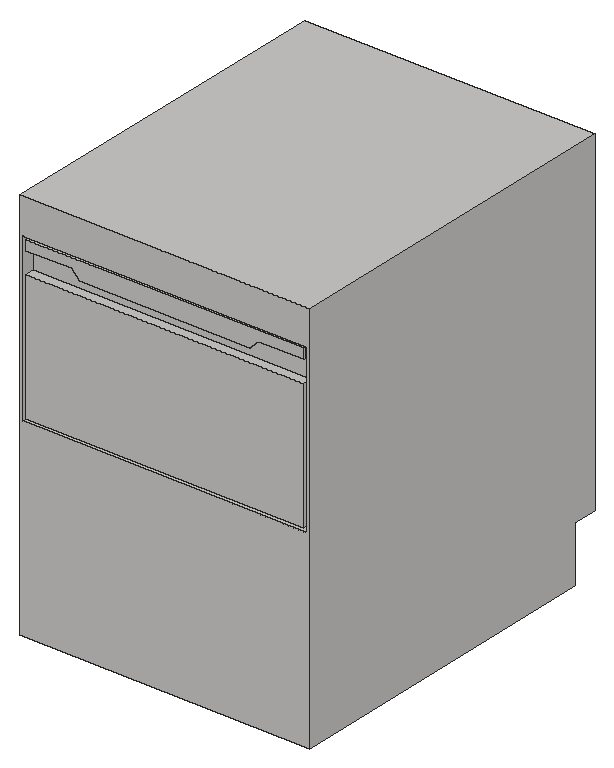
Revit family "QF_ELECTROLUXPROFESSIONAL_402210_ESSICWP", category Specialty Equipment, Revit 2018
Family settings
  Round Connector Dimension = Use Diameter
  Part Type = Normal
  Work Plane-Based = No
  Always vertical = Yes
  Cut with Voids When Loaded = No
  Shared = No
  Room Calculation Point = No
Parameters
  Weight = 34.00 kg
  Watts = 0 W
  Volts = 0 V
  URL Manufacturer = ""
  URL = "http://professional.electrolux.com/"
  Steam Supply Size = 0 mm
  Steam Supply Minimum Pressure = 0.0 Pa
  Steam Supply Maximum Pressure = 0.0 Pa
  Steam Pounds per Hour = 0
  Show Logo [instance] = yes
  Show Clearance [instance] = yes
  Refrigeration Suction Line Size = 0 mm
  Refrigeration Liquid Line Size = 0 mm
  Refrigerant Compressor Remote = yes
  Manufacturer = ""
  Phase = 0
  Model = ""
  Length Actual = 460 mm  # constant formula
  Item Number = ""
  Hot Water Size = 0 mm
  Height Actual = 635 mm  # constant formula
  HP = "4.4 HP"
  Gas Size = 0 mm
  Gas KW = 0
  Gas Input Pressure = 0 W
  Direct Waste Size = 27 mm
  Description = ""
  Depth Actual = 565 mm  # constant formula
  Cycle = 0 Hz
  Condensate Return Size = 0 mm
  Compressed Air Volume = 0.0 L/s
  Compressed Air Size = 0 mm
  Compressed Air Pressure = 0.0 Pa
  Cold Water Size = 0 mm
  Accessory = yes
Types (2, lengths in mm): name | Volts | URL Manufacturer | URL | Manufacturer | Phase | Model | Item Number | Description | Cycle | Cold Water Size
  (no name) | 0 V | "" | "http://professional.electrolux.com/" | "" | 0 | "" | "" | "" | 0 Hz | 0
  Standard | 220 V | "http://professional.electrolux.com" | "http://professional.electrolux.com" | "Electrolux Professional" | 1 | "ESSICWP" | "402210" | "GLASSWASHER(SHORT S) DOUBLE SKIN, COLD RINSE, WS, DP, 30B/H" | 50 Hz | 19.05
Reference planes
  plane 1 "Center (Front/Back)": y = 0
  plane 2: z = 0
  plane 3 "Center (Left/Right)": x = 0
  plane 4 "LEFT": x = -230
  plane 5 "RIGHT": x = 230
  plane 6 "FRONT": y = -282.5
  plane 7 "BACK": y = 282.5
  plane 8: x = -202.5
  plane 9: x = 202.5
  plane 10: z = 635
  plane 11: z = 10
Forms (mm)
  Extrusion 1, solid, material "QF_Finishes_Stainless Steel"
    sketch origin (0, 0, 0) x (1, 0, 0) y (0, 1, 0)
      loop
        line (-230, -282.5) -> (230, -282.5) -> (230, 243.5) -> (-230, 243.5) -> (-230, -282.5)
    from 10 to 635
  Extrusion 2, solid, material "QF_Finishes_Stainless Steel"
    sketch origin (0, 0, 0) x (1, 0, 0) y (0, 1, 0)
      loop
        line (-230, 243.5) -> (230, 243.5) -> (230, 282.5) -> (-230, 282.5) -> (-230, 243.5)
    from 100 to 635
  Extrusion 3, solid, material "QF_Finishes_Stainless Steel"
    sketch origin (0, 0, 0) x (1, 0, 0) y (0, 1, 0)
      loop
        circle (-202.5, 184.5) r 12.5
      loop
        circle (202.5, 184.5) r 12.5
      loop
        circle (-202.5, -235.5) r 12.5
      loop
        circle (202.5, -235.5) r 12.5
    from 0 to 10
  Extrusion 4, void
    sketch origin (-230, -282.5, 0) x (-1, 0, 0) y (0, 0, 1)
      loop
        line (-5, 578.217) -> (-455, 578.217) -> (-455, 315) -> (-5, 315) -> (-5, 578.217)
    from 0 to 30
  Extrusion 5, solid, material "QF_Finishes_Stainless Steel"
    sketch origin (-53, -392, 738) x (0, 0, -1) y (1, 0, 0)
      loop
        circle (693, 213) r 10
    from -635.5 to -674.5
  Extrusion 6, solid, material "QF_Door-Drawer Clearances", visible <- "Show Clearance", detail levels coarse
    sketch origin (-230, -282.5, 0) x (0, 1, 0) y (0, 0, -1)
      loop
        line (0, -315) -> (-230, -315)
        arc (-230, -315) -> (-165.874, -490.004) -> (0, -575) r 255.719
        line (0, -575) -> (0, -315)
    from -10 to -450
  Extrusion 7, solid, material "QF_Finishes_Stainless Steel"
    sketch origin (-242.481, -392, 738) x (0, 0, -1) y (1, 0, 0)
      loop
        circle (663, 322.481) r 8
    from -635.5 to -674.5
  Extrusion 8, solid, material "QF_Finishes_Stainless Steel"
    sketch origin (-230, -282.5, 0) x (0, 1, 0) y (0, 0, -1)
      loop
        line (0, -320) -> (0, -525) -> (15, -525) -> (15, -575) -> (25, -575) -> (25, -320) -> (0, -320)
    from -10 to -450
  Extrusion 9, solid, material "QF_Finishes_Stainless Steel"
    sketch origin (-230, -282.5, 0) x (0, 1, 0) y (0, 0, -1)
      loop
        line (15, -575) -> (15, -572.514) -> (2.5, -572.514) -> (2.5, -546.25) -> (0, -546.25) -> (0, -575) -> (15, -575)
    from -10 to -450
  Extrusion 10, void
    sketch origin (-230, -282.5, 575) x (0, 0, 1) y (1, 0, 0)
      loop
        line (-15.552, 10) -> (-15.552, 81.607) -> (-28.75, 94.804) -> (-28.75, 10) -> (-15.552, 10)
      loop
        line (-15.552, 450) -> (-28.75, 450) -> (-28.75, 365.196) -> (-15.552, 378.393) -> (-15.552, 450)
    from 0 to 2.5
  Extrusion 11, solid, material "QF_Finishes_Stainless Steel"
    sketch origin (-328, -392, 738) x (0, 0, -1) y (1, 0, 0)
      loop
        circle (663, 228) r 8
    from -635.5 to -674.5
Cuts and joins
  Extrusion 4 cuts Extrusion 1
  joined: Extrusion 1, Extrusion 2
  Extrusion 10 cuts Extrusion 8
  Extrusion 10 cuts Extrusion 9
Lines and regions (mm)
  Split face 1
    outline origin (-230, -282.5, 635) x (0, 0, -1) y (1, 0, 0)
      loop
        line (56.783, 5) -> (42.5, 5) -> (42.5, 67.5) -> (49.142, 74.142) -> (49.142, 385.858) -> (42.5, 392.5) -> (42.5, 455) -> (56.783, 455)
  Split face 2
    outline origin (-230, -282.5, 635) x (0, 0, -1) y (1, 0, 0)
      loop
        line (42.5, 5) -> (5, 5) -> (5, 455) -> (42.5, 455)
  Split face 3
    outline origin (-230, -282.5, 635) x (0, 0, -1) y (1, 0, 0)
      loop
        line (19.683, 178.044) -> (39.683, 178.044) -> (39.683, 218.044) -> (19.683, 218.044) -> (19.683, 178.044)
  symbolic lines
    curve 1: line (-230, 282.5, 0) -> (230, 282.5, 0)
    curve 2: line (-230, -282.5, 0) -> (-230, 282.5, 0)
    curve 3: line (230, -282.5, 0) -> (-230, -282.5, 0)
    curve 4: line (230, 282.5, 0) -> (230, -282.5, 0)
  symbolic lines, style "QF_Door-Drawer Clearances"
    curve 5: line (-220, -512.5, 0) -> (220, -512.5, 0)
    curve 6: line (220, -512.5, 0) -> (220, -282.5, 0)
    curve 7: line (-220, -512.5, 0) -> (-220, -282.5, 0)
  symbolic lines, style "SpecialityEquipmentHiddenLines"
    curve 8: line (-230, 243.5, 0) -> (230, 243.5, 0)
Dimensions and locks
  equal spacing: plane 4 "LEFT", plane 3 "Center (Left/Right)", plane 5 "RIGHT"
  equal spacing: plane 7 "BACK", plane 1 "Center (Front/Back)", plane 6 "FRONT"
  plane 7 "BACK" to plane 6 "FRONT" = 565 mm
  plane 4 "LEFT" to plane 5 "RIGHT" = 460 mm
  plane 4 "LEFT" to plane 8 = 27.5 mm
  plane 9 to plane 5 "RIGHT" = 27.5 mm
  locked: plane 11 to level at 10
  plane 4 "LEFT" to plane 3 "Center (Left/Right)" = 230 mm
  plane 10 to level = 635 mm  (x2)
  plane 8 to plane 9 = 405 mm
  level to Extrusion 11 sketch curve = 75 mm
  Extrusion 11 sketch curve to plane 4 "LEFT" = 130 mm
  level to Extrusion 5 sketch curve = 45 mm
  Extrusion 5 sketch curve to plane 4 "LEFT" = 390 mm
  Extrusion 7 sketch curve to plane 4 "LEFT" = 310 mm
  level to Extrusion 7 sketch curve = 75 mm
  locked: Extrusion 3 to cut or joined group of Extrusion 1, Extrusion 2, Extrusion 4 at 98
  Extrusion 3 to Extrusion 3 = 420 mm
  locked: plane 6 "FRONT" to Extrusion 3 at 47
  plane 9 to plane 8 = 405 mm
  plane 7 "BACK" to curve 5 = 795 mm
  cut or joined group of Extrusion 8, Extrusion 10 to cut or joined group of Extrusion 1, Extrusion 2, Extrusion 4 = 210 mm
  aligned and locked: level to plane 2
  aligned and locked: Extrusion 1 sketch curve to plane 6 "FRONT"
  aligned and locked: Extrusion 1 sketch curve to plane 4 "LEFT"
  aligned and locked: plane 5 "RIGHT" to Extrusion 1 sketch curve
  aligned and locked: Extrusion 1 to plane 11
  aligned and locked: Extrusion 2 sketch curve to Extrusion 1  (x2)
  aligned and locked: plane 7 "BACK" to Extrusion 2 sketch curve
  aligned and locked: plane 5 "RIGHT" to Extrusion 2 sketch curve
  aligned and locked: plane 11 to Extrusion 3
  aligned and locked: Extrusion 2 to Extrusion 5
  aligned and locked: Extrusion 2 to Extrusion 7
  aligned and locked: plane 7 "BACK" to Extrusion 7
  aligned and locked: plane 7 "BACK" to Extrusion 5
  aligned and locked: cut or joined group of Extrusion 9, Extrusion 10 to Extrusion 10
  aligned and locked: plane 10 to Extrusion 2
Automatic sketch dimensions
  curve 1 to plane 4 "LEFT" = 0 mm
  curve 7 to plane 6 "FRONT" = 0 mm
  curve 4 to plane 5 "RIGHT" = 0 mm
  curve 2 to plane 7 "BACK" = 0 mm
  plane 4 "LEFT" to curve 5 = 10 mm
  curve 6 to plane 5 "RIGHT" = 10 mm
  curve 8 to plane 7 "BACK" = 39 mm
  Extrusion 1 sketch curve to plane 7 "BACK" = 39 mm
  Extrusion 3 sketch curve to plane 8 = 0 mm  (x2)
  Extrusion 3 sketch curve to plane 9 = 0 mm  (x2)
  plane 6 "FRONT" to Extrusion 3 sketch curve = 47 mm  (x2)
  Extrusion 3 sketch curve to plane 7 "BACK" = 98 mm  (x2)
  Extrusion 4 sketch curve to Extrusion 1 = 5 mm  (x2)
  Extrusion 4 sketch curve to Extrusion 1 = 305 mm
  Extrusion 4 sketch curve to Extrusion 1 = 56.783 mm
  Extrusion 8 sketch curve to plane 6 "FRONT" = 0 mm
  plane 6 "FRONT" to Extrusion 8 sketch curve = 15 mm
  Extrusion 8 sketch curve to Extrusion 8 sketch curve = 25 mm
  Extrusion 8 sketch curve to plane 10 = 60 mm
  Extrusion 8 sketch curve to Extrusion 8 sketch curve = 50 mm
  Extrusion 8 sketch curve to Extrusion 8 sketch curve = 205 mm
  Extrusion 9 sketch curve to plane 6 "FRONT" = 0 mm
  Extrusion 9 sketch curve to Extrusion 9 sketch curve = 2.5 mm
  Extrusion 9 sketch curve to Extrusion 9 sketch curve = 12.5 mm
  Extrusion 9 sketch curve to plane 10 = 60 mm
  Extrusion 9 sketch curve to Extrusion 9 sketch curve = 2.486 mm
  Extrusion 9 sketch curve to Extrusion 9 sketch curve = 26.264 mm
  Extrusion 10 sketch curve to Extrusion 9 = 0 mm  (x3)
  Extrusion 9 to Extrusion 10 sketch curve = 0 mm
  Extrusion 10 sketch curve to Extrusion 9 = 13.198 mm  (x2)
  Extrusion 10 sketch curve to Extrusion 9 = 71.607 mm
  Extrusion 10 sketch curve to Extrusion 10 sketch curve = 13.198 mm  (x2)
  Extrusion 10 sketch curve to Extrusion 9 = 84.804 mm
  Extrusion 6 sketch curve to plane 6 "FRONT" = 0 mm
  Extrusion 6 sketch curve to plane 6 "FRONT" = 230 mm
  plane 6 "FRONT" to Extrusion 6 sketch curve = 25.658 mm
  Extrusion 6 sketch curve to plane 10 = 60 mm
  Extrusion 6 sketch curve to Extrusion 6 sketch curve = 254.429 mm
  Split face 1 sketch curve to cut or joined group of Extrusion 1, Extrusion 2, Extrusion 4 = 0 mm  (x4)
  cut or joined group of Extrusion 1, Extrusion 2, Extrusion 4 to Split face 1 sketch curve = 7.641 mm
  Split face 1 sketch curve to Split face 1 sketch curve = 6.642 mm  (x4)
  Split face 1 sketch curve to Split face 1 sketch curve = 62.5 mm
  Split face 1 sketch curve to cut or joined group of Extrusion 1, Extrusion 2, Extrusion 4 = 69.142 mm
  Split face 2 sketch curve to cut or joined group of Extrusion 1, Extrusion 2, Extrusion 4 = 0 mm  (x2)
  Split face 2 sketch curve to cut or joined group of Extrusion 1, Extrusion 2, Extrusion 4 = 5 mm
  cut or joined group of Extrusion 1, Extrusion 2, Extrusion 4 to Split face 2 sketch curve = 14.283 mm  (x2)
  Split face 3 sketch curve to cut or joined group of Extrusion 1, Extrusion 2, Extrusion 4 = 19.683 mm
  cut or joined group of Extrusion 1, Extrusion 2, Extrusion 4 to Split face 3 sketch curve = 17.1 mm
  Split face 3 sketch curve to cut or joined group of Extrusion 1, Extrusion 2, Extrusion 4 = 173.044 mm
  Split face 3 sketch curve to Split face 3 sketch curve = 40 mm
  radius of Extrusion 5 sketch curve = 10 mm
  radius of Extrusion 7 sketch curve = 8 mm
  radius of Extrusion 11 sketch curve = 8 mm
  radius of Extrusion 3 sketch curve = 12.5 mm  (x4)
Connectors
  piping at (160, 282.5, 45), diameter 20
    settings: on Extrusion 5, index 1, connector inside diameter 609.6 mm, connector length 0 mm, flow factor 0, pipe flow 0.0 L/s, pressure drop 0.0 Pa, fitting loss kfactor 0, connector angle 0.00°, fixture units 0, engagement length 0 mm, angle of deflection 0.00°, flow configuration 1, flow direction 1, fitting loss method 0, system type 16, joint type 0, gender type 0, connector reference index -1, connector utility 0, adjustable connector no, is connector primary yes, connector description "Drain"
  piping at (80, 282.5, 75), driven by "Cold Water Size"
    settings: on Extrusion 7, index 3, connector diameter 0 mm, connector inside diameter 609.6 mm, connector length 0 mm, flow factor 0, pipe flow 0.0 L/s, pressure drop 0.0 Pa, fitting loss kfactor 0, connector angle 0.00°, fixture units 0, engagement length 0 mm, angle of deflection 0.00°, flow configuration 1, flow direction 1, fitting loss method 0, system type 20, joint type 0, gender type 0, connector reference index -1, connector utility 0, adjustable connector no, is connector primary no, connector description "Cold Water Inlet"
  electrical at (-100, 282.5, 75), driven by "Volts"
    settings: on Extrusion 11, index 4, voltage 0 V, apparent load 0 VA, apparent load phase1 0 VA, apparent load phase2 0 VA, apparent load phase3 0 VA, power factor 1, load classification "Altro", number of poles 1, system type 31, power factor state 1, is connector primary yes, connector utility no, sub classification motor no, connector description "Electrical Connection"
